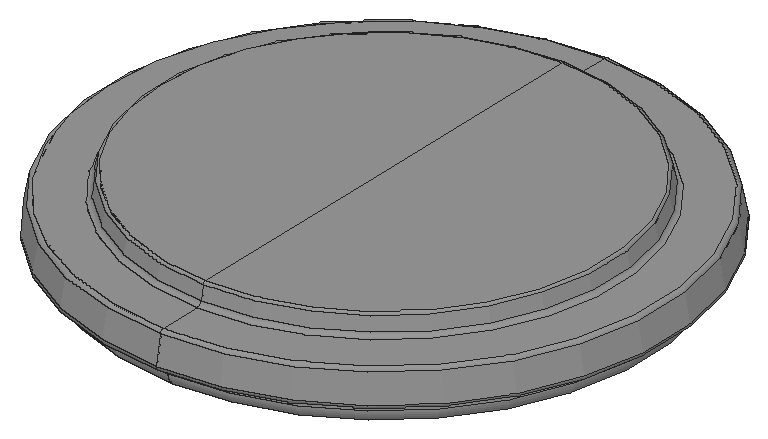
Revit family "FMK12_63_UN_Surface-mounted_ETK", category Lighting Fixtures, Revit 2017 (continued)
Definition of nested family "FMK.1 - Lightsource"
  Types (13, lengths in mm): name | Wattage Comments | Photometric Web File | built-in parameter 1150142 | Apparent Load
    FMK.1129.10 - Ø250x48 / 12W | "12W" | "FMK.1129.10.ies" | "IESNA:LM-63-2002\r\n[TEST] /2015\r\n[TESTLAB] ies2eulumdat.appspot.com\r\n[ISSUEDATE] 2021-06-16T09:00:21.829\r\n[MANUFAC] www.etk.nl\r\n[LUMCAT] FMK.1109.10\r\n[LUMINAIRE] FMK.1 LED 12W 3000/4000/5700K ø250 niet dimbaar\r\n[LAMPCAT] LED\r\n[LAMP] LED\r\nTILT=NONE\r\n1\t1150\t1\t46\t180\t1\t2\t-0.250\t-0.250\t0\r\n1.0\t1.0\t11.80\r\n0\t 2\t 4\t 6\t 8\t 10\t 12\t 14\t 16\t 18\r\n20\t 22\t 24\t 26\t 28\t 30\t 32\t 34\t 36\t 38\r\n40\t 42\t 44\t 46\t 48\t 50\t 52\t 54\t 56\t 58\r\n60\t 62\t 64\t 66\t 68\t 70\t 72\t 74\t 76\t 78\r\n80\t 82\t 84\t 86\t 88\t 90\r\n0\t 2\t 4\t 6\t 8\t 10\t 12\t 14\t 16\t 18\r\n20\t 22\t 24\t 26\t 28\t 30\t 32\t 34\t 36\t 38\r\n40\t 42\t 44\t 46\t 48\t 50\t 52\t 54\t 56\t 58\r\n60\t 62\t 64\t 66\t 68\t 70\t 72\t 74\t 76\t 78\r\n80\t 82\t 84\t 86\t 88\t 90\t 92\t 94\t 96\t 98\r\n100\t 102\t 104\t 106\t 108\t 110\t 112\t 114\t 116\t 118\r\n120\t 122\t 124\t 126\t 128\t 130\t 132\t 134\t 136\t 138\r\n140\t 142\t 144\t 146\t 148\t 150\t 152\t 154\t 156\t 158\r\n160\t 162\t 164\t 166\t 168\t 170\t 172\t 174\t 176\t 178\r\n180\t 182\t 184\t 186\t 188\t 190\t 192\t 194\t 196\t 198\r\n200\t 202\t 204\t 206\t 208\t 210\t 212\t 214\t 216\t 218\r\n220\t 222\t 224\t 226\t 228\t 230\t 232\t 234\t 236\t 238\r\n240\t 242\t 244\t 246\t 248\t 250\t 252\t 254\t 256\t 258\r\n260\t 262\t 264\t 266\t 268\t 270\t 272\t 274\t 276\t 278\r\n280\t 282\t 284\t 286\t 288\t 290\t 292\t 294\t 296\t 298\r\n300\t 302\t 304\t 306\t 308\t 310\t 312\t 314\t 316\t 318\r\n320\t 322\t 324\t 326\t 328\t 330\t 332\t 334\t 336\t 338\r\n340\t 342\t 344\t 346\t 348\t 350\t 352\t 354\t 356\t 358\r\n\r\n405.3384\t404.7765\t404.2265\t402.9975\t401.1013\t399.2051\t395.3191\t391.4331\t387.5471\t383.661\r\n379.7751\t373.4779\t367.169\t360.8717\t354.5746\t348.2657\t339.7094\t331.1415\t322.5852\t314.029\r\n305.461\t294.8096\t284.1582\t273.5069\t262.8555\t252.2041\t239.7267\t227.261\t214.7837\t202.3181\r\n189.8525\t177.3751\t164.9094\t152.432\t139.9664\t127.4891\t0\t0\t0\t0\r\n0\t0\t0\t0\t0\t0\r\n405.3384\t404.7925\t404.2577\t403.0448\t401.1686\t399.2994\t395.4335\t391.5606\t387.7102\t383.8203\r\n379.9334\t373.6444\t367.3443\t361.0453\t354.7325\t348.4388\t339.8983\t331.3616\t322.8117\t314.2627\r\n305.722\t295.0872\t284.4404\t273.8022\t263.1576\t252.5163\t240.0548\t227.5873\t215.131\t202.664\r\n190.1945\t177.7378\t165.2697\t152.8012\t140.3312\t128.1946\t0.3296\t0\t0\t0\r\n0\t0\t0\t0\t0\t0\r\n405.3384\t404.8094\t404.2892\t403.0935\t401.2796\t399.4809\t395.6213\t391.7396\t387.8385\t383.9437\r\n380.072\t373.802\t367.5085\t361.2065\t354.9129\t348.6531\t340.137\t331.5961\t323.0451\t314.5012\r\n305.9895\t295.3818\t284.734\t274.0862\t263.4264\t252.8071\t240.376\t227.9231\t215.4572\t202.995\r\n190.53\t178.0631\t165.6056\t153.1389\t140.6717\t129.4859\t1.3419\t0\t0\t0\r\n0\t0\t0\t0\t0\t0\r\n405.3384\t404.8271\t404.3209\t403.1488\t401.3532\t399.5783\t395.7291\t391.8382\t387.9181\t384.0265\r\n380.1901\t373.9544\t367.6616\t361.3486\t355.0482\t348.8012\t340.3437\t331.8018\t323.2501\t314.6929\r\n306.2129\t295.662\t285.012\t274.3604\t263.7094\t253.1247\t240.74\t228.2758\t215.8122\t203.3491\r\n190.8749\t178.4127\t165.9503\t153.4898\t141.027\t131.3458\t3.1025\t0\t0\t0\r\n0\t0\t0\t0\t0\t0\r\n405.3384\t404.8458\t404.3591\t403.1978\t401.4167\t399.6486\t395.7816\t391.8937\t388.0038\t384.1068\r\n380.2987\t374.1143\t367.817\t361.5156\t355.2003\t348.9967\t340.5979\t332.043\t323.4957\t314.942\r\n306.4955\t295.9896\t285.3021\t274.6328\t263.9659\t253.4202\t241.0823\t228.6129\t216.1591\t203.6915\r\n191.2234\t178.7558\t166.3001\t153.8352\t141.371\t133.6544\t5.718\t0\t0\t0\r\n0\t0\t0\t0\t0\t0\r\n405.3384\t404.8652\t404.3908\t403.2459\t401.4706\t399.6646\t395.8675\t391.9843\t388.0857\t384.1821\r\n380.4316\t374.3456\t368.0256\t361.7021\t355.3697\t349.2\t340.8799\t332.2872\t323.6935\t315.0968\r\n306.6804\t296.3012\t285.6181\t274.9391\t264.248\t253.707\t241.4578\t228.9766\t216.4988\t204.0245\r\n191.5571\t179.0864\t166.6186\t154.1544\t141.6922\t136.24\t9.3369\t0\t0\t0\r\n0\t0\t0\t0\t0\t0\r\n405.3384\t404.8854\t404.4219\t403.2933\t401.5055\t399.7186\t395.9651\t392.0842\t388.1903\t384.3067\r\n380.5784\t374.5562\t368.2162\t361.8639\t355.4958\t349.3364\t341.1183\t332.5123\t323.9013\t315.2964\r\n306.9063\t296.6299\t285.9122\t275.1976\t264.4831\t253.9575\t241.8218\t229.3201\t216.8328\t204.3396\r\n191.8483\t179.3695\t166.8926\t154.4222\t141.9565\t138.8551\t14.1501\t0\t0\t0\r\n0\t0\t0\t0\t0\t0\r\n405.3384\t404.9066\t404.4521\t403.3398\t401.5506\t399.7766\t396.0731\t392.2029\t388.3231\t384.3922\r\n380.6589\t374.7488\t368.3792\t361.9898\t355.5837\t349.4181\t341.3685\t332.7528\t324.1099\t315.4532\r\n307.0598\t296.9581\t286.2249\t275.4731\t264.7159\t254.1799\t242.1928\t229.6762\t217.1659\t204.6692\r\n192.1717\t179.6758\t167.1817\t154.6978\t142.2295\t141.3105\t20.401\t0\t0\t0\r\n0\t0\t0\t0\t0\t0\r\n405.3384\t404.9688\t404.4817\t403.3908\t401.5946\t399.8358\t396.2032\t392.3475\t388.4203\t384.4425\r\n380.7195\t374.9437\t368.5473\t362.1238\t355.6851\t349.5134\t341.9282\t332.9785\t324.3069\t315.6402\r\n306.9436\t297.5694\t286.5262\t275.7395\t264.9593\t254.1623\t242.7912\t230.0358\t217.5005\t204.986\r\n192.4711\t179.9636\t167.4644\t154.9748\t142.4941\t143.2492\t28.3764\t0\t0\t0\r\n0\t0\t0\t0\t0\t0\r\n405.3384\t404.9901\t404.5102\t403.434\t401.6375\t399.8986\t396.3675\t392.4653\t388.4946\t384.4886\r\n380.7515\t375.1532\t368.7296\t362.2829\t355.7949\t349.2691\t342.1908\t333.257\t324.528\t315.7751\r\n307.0363\t297.9246\t286.8722\t276.0236\t265.1733\t254.3419\t243.18\t230.433\t217.8766\t205.3224\r\n192.7845\t180.2462\t167.7206\t155.2142\t142.724\t144.3059\t38.4235\t0\t0\t0\r\n0\t0\t0\t0\t0\t0\r\n405.3384\t405.0108\t404.5376\t403.4745\t401.6757\t399.9613\t396.5103\t392.5677\t388.5717\t384.5293\r\n380.4421\t375.6788\t368.9428\t362.4278\t355.8852\t349.3419\t342.4468\t333.4846\t324.7196\t315.9401\r\n307.1422\t298.1755\t287.1691\t276.2852\t265.4162\t254.5351\t243.54\t230.8321\t218.2158\t205.6051\r\n193.0422\t180.5018\t167.9628\t155.4439\t142.9509\t130.4715\t80.1717\t0\t0\t0\r\n0\t0\t0\t0\t0\t0\r\n405.3384\t405.0308\t404.5638\t403.5122\t401.7197\t400.0344\t396.6479\t392.675\t388.642\t384.5539\r\n380.446\t375.8849\t369.1475\t362.5941\t356.0076\t349.3402\t342.606\t333.7678\t324.9507\t316.0958\r\n307.1888\t298.3823\t287.5427\t276.5987\t265.6547\t254.6769\t243.7733\t231.1892\t218.5583\t205.9536\r\n193.3574\t180.7795\t168.2176\t155.6732\t143.1664\t130.6811\t92.6587\t0\t0\t0\r\n0\t0\t0\t0\t0\t0\r\n405.3384\t405.0504\t404.5956\t403.547\t401.7653\t400.0733\t397.0342\t392.7846\t388.7175\t384.6009\r\n380.4658\t376.0643\t369.3866\t362.7735\t356.0799\t349.3699\t342.7566\t334.0832\t325.1628\t316.2179\r\n307.2752\t298.5357\t287.9146\t276.8913\t265.8705\t254.8646\t244.0337\t231.6235\t218.9315\t206.265\r\n193.6356\t181.0339\t168.4572\t155.9156\t143.3861\t130.8825\t104.473\t0\t0\t0\r\n0\t0\t0\t0\t0\t0\r\n405.3384\t405.0692\t404.6173\t403.5726\t401.812\t400.0922\t397.1653\t392.8976\t388.795\t384.6787\r\n380.4567\t376.1942\t369.6246\t362.9226\t356.2055\t349.4272\t342.8367\t334.3769\t325.3805\t316.3703\r\n307.3625\t298.3377\t288.5546\t277.2123\t266.1258\t255.0391\t244.1559\t232.0335\t219.3073\t206.6258\r\n193.9576\t181.3129\t168.7045\t156.1324\t143.5875\t131.0872\t115.0185\t0\t0\t0\r\n0\t0\t0\t0\t0\t0\r\n405.3384\t405.0876\t404.6362\t403.6022\t401.8688\t399.828\t397.2783\t392.9976\t388.9023\t384.7385\r\n380.4432\t376.2623\t369.8607\t363.1303\t356.3361\t349.4819\t342.5273\t334.9205\t325.6274\t316.563\r\n307.4647\t298.325\t288.8953\t277.552\t266.3836\t255.2249\t244.066\t232.6598\t219.71\t206.9637\r\n194.2635\t181.5828\t168.9417\t156.3369\t143.7678\t131.2452\t123.6219\t0\t0\t0\r\n0\t0\t0\t0\t0\t0\r\n405.3384\t405.1054\t404.6527\t403.6299\t401.9954\t399.8313\t397.3825\t393.1311\t389.0376\t384.7914\r\n380.4256\t376.2601\t370.1442\t363.3441\t356.5\t349.5195\t342.4467\t335.1645\t325.9313\t316.7695\r\n307.548\t298.3169\t289.1161\t277.9297\t266.651\t255.4032\t244.1853\t232.9715\t220.1319\t207.3312\r\n194.5444\t181.8166\t169.148\t156.5181\t143.9438\t131.4005\t129.5504\t10.7169\t0\t0\r\n0\t0\t0\t0\t0\t0\r\n405.3384\t405.1227\t404.6665\t403.6558\t402.0282\t399.8387\t397.4732\t393.2952\t389.1616\t384.8421\r\n380.4176\t375.9014\t370.721\t363.6037\t356.6569\t349.5494\t342.4061\t335.3294\t326.2421\t316.9739\r\n307.6665\t298.3454\t289.1781\t278.2878\t266.963\t255.6467\t244.3238\t233.1536\t220.5163\t207.6577\r\n194.8355\t182.0686\t169.3482\t156.6677\t144.0408\t131.4715\t131.8453\t25.923\t0\t0\r\n0\t0\t0\t0\t0\t0\r\n405.3384\t405.1396\t404.6776\t403.6776\t402.0538\t399.8619\t397.5341\t393.5083\t389.2881\t384.8846\r\n380.4261\t375.832\t370.9139\t363.9038\t356.8028\t349.6355\t342.4017\t335.332\t326.5796\t317.2212\r\n307.8198\t298.3417\t288.8594\t278.9905\t267.339\t255.8866\t244.4302\t233.0061\t221.1259\t208.0094\r\n195.1274\t182.2902\t169.5075\t156.7928\t144.1389\t131.538\t118.9821\t72.5747\t0\t0\r\n0\t0\t0\t0\t0\t0\r\n405.3384\t405.1559\t404.686\t403.7113\t402.0482\t399.882\t397.6063\t393.7003\t389.4083\t384.9648\r\n380.4586\t375.7543\t371.0891\t364.165\t357.0131\t349.7518\t342.4103\t334.9484\t327.1548\t317.4999\r\n307.9709\t298.3923\t288.8332\t279.2321\t267.7019\t256.1485\t244.593\t233.049\t221.4516\t208.379\r\n195.4187\t182.5259\t169.6952\t156.9157\t144.2105\t131.5685\t118.9925\t91.6472\t0\t0\r\n0\t0\t0\t0\t0\t0\r\n405.3384\t405.1718\t404.6918\t403.7304\t402.0748\t399.9057\t397.6713\t393.8957\t389.5114\t385.088\r\n380.4979\t375.7076\t371.0587\t364.4889\t357.2386\t349.9042\t342.4218\t334.8539\t327.2884\t317.8216\r\n308.1836\t298.5219\t288.784\t279.2695\t268.1369\t256.4569\t244.7869\t233.1079\t221.6219\t208.7797\r\n195.7476\t182.7712\t169.842\t157.0084\t144.2669\t131.5897\t118.9856\t106.3522\t0\t0\r\n0\t0\t0\t0\t0\t0\r\n405.3384\t405.1872\t404.677\t403.7455\t402.1069\t399.9332\t397.7438\t394.3242\t389.6719\t385.2237\r\n380.5442\t375.6807\t370.6129\t365.0631\t357.5309\t350.0674\t342.4859\t334.7817\t327.2448\t318.4473\r\n308.4635\t298.6371\t288.784\t278.8955\t268.7927\t256.8209\t244.9966\t233.2361\t221.4851\t209.3772\r\n196.0586\t182.9925\t170.014\t157.1221\t144.303\t131.5659\t118.922\t115.4507\t0.7529\t0\r\n0\t0\t0\t0\t0\t0\r\n405.3384\t405.2023\t404.5924\t403.7567\t402.1445\t399.9518\t397.5215\t394.4699\t389.8906\t385.382\r\n380.6063\t375.6074\t370.4961\t365.1827\t357.8531\t350.2794\t342.5728\t334.767\t326.8088\t318.7303\r\n308.7717\t298.8224\t288.8326\t278.8036\t268.8778\t257.2662\t245.3121\t233.3885\t221.4719\t209.6291\r\n196.4163\t183.2663\t170.1886\t157.217\t144.3317\t131.5459\t118.8227\t106.1876\t17.4697\t0\r\n0\t0\t0\t0\t0\t0\r\n405.3384\t405.217\t404.5944\t403.7643\t402.2164\t399.9969\t397.5215\t394.5348\t390.1198\t385.5481\r\n380.6842\t375.579\t370.3695\t365.1761\t358.5091\t350.5396\t342.7377\t334.7731\t326.7113\t318.7291\r\n309.1553\t299.0695\t288.9289\t278.7193\t268.5571\t257.9194\t245.6422\t233.5555\t221.5159\t209.6959\r\n196.8141\t183.564\t170.3986\t157.3153\t144.3298\t131.4311\t118.6433\t105.963\t65.2493\t0\r\n0\t0\t0\t0\t0\t0\r\n405.3384\t405.2314\t404.597\t403.7683\t402.259\t400.1387\t397.5142\t394.6254\t390.3718\t385.7346\r\n380.7618\t375.6336\t370.2359\t364.7113\t358.7633\t350.8369\t342.942\t334.8576\t326.6208\t318.2983\r\n309.7123\t299.3766\t289.0811\t278.7695\t268.3526\t258.0866\t246.0418\t233.822\t221.6258\t209.5032\r\n197.3492\t183.8918\t170.5912\t157.4067\t144.3357\t131.3476\t118.48\t105.7362\t86.9291\t0\r\n0\t0\t0\t0\t0\t0\r\n405.3384\t405.2454\t404.6007\t403.7691\t402.2969\t400.2013\t397.5194\t394.7022\t390.8756\t385.9297\r\n380.8283\t375.6809\t370.2029\t364.5257\t358.7975\t351.2443\t343.1931\t334.9798\t326.6184\t318.1094\r\n309.6994\t299.7814\t289.3562\t278.8261\t268.235\t257.6488\t246.725\t234.1375\t221.8235\t209.5282\r\n197.4412\t184.2693\t170.8692\t157.5318\t144.3183\t131.2485\t118.3192\t105.4985\t99.8452\t0\r\n0\t0\t0\t0\t0\t0\r\n405.3384\t405.2465\t404.6055\t403.7327\t402.33\t400.28\t397.5374\t394.7758\t391.1064\t386.1222\r\n380.9814\t375.6963\t370.1916\t364.3689\t358.3019\t351.8681\t343.551\t335.1761\t326.6651\t318.0094\r\n309.224\t300.3263\t289.676\t278.9673\t268.2109\t257.4449\t246.79\t234.5954\t222.0662\t209.6096\r\n197.2538\t184.796\t171.1111\t157.6776\t144.3725\t131.1929\t118.1378\t105.2239\t92.4606\t7.417\r\n0\t0\t0\t0\t0\t0\r\n405.3384\t405.26\t404.6117\t403.7331\t402.3583\t400.3318\t397.5727\t394.5667\t391.2865\t386.3445\r\n381.2477\t375.7985\t370.1959\t364.244\t358.0878\t351.9228\t343.9437\t335.4465\t326.8059\t317.9911\r\n309.0489\t300.2024\t290.2985\t279.2004\t268.2951\t257.2789\t246.344\t235.2056\t222.4167\t209.7955\r\n197.2042\t184.8605\t171.4948\t157.9091\t144.4487\t131.1247\t117.9609\t104.9565\t92.1149\t52.9313\r\n0\t0\t0\t0\t0\t0\r\n405.3384\t405.2736\t404.6193\t403.7351\t402.3811\t400.3748\t397.6302\t394.5872\t391.3781\t386.8119\r\n381.4951\t375.9993\t370.2514\t364.1293\t357.9116\t351.3889\t344.5079\t335.822\t327.0416\t318.0736\r\n308.9557\t299.6921\t290.3569\t279.5927\t268.421\t257.3226\t246.1\t234.903\t222.8814\t210.0311\r\n197.2958\t184.6475\t172.0079\t158.165\t144.5452\t131.0796\t117.7978\t104.7315\t91.8426\t76.8551\r\n0\t0\t0\t0\t0\t0\r\n405.3384\t405.2871\t404.6284\t403.7382\t402.383\t400.4092\t397.8019\t394.6157\t391.382\t386.9759\r\n381.7537\t376.2214\t370.3501\t364.1175\t357.7917\t351.1064\t344.4201\t336.5393\t327.3814\t318.2587\r\n308.9705\t299.4656\t289.8818\t280.0753\t268.8078\t257.4031\t245.984\t234.5829\t223.2864\t210.4452\r\n197.4796\t184.6232\t171.8738\t158.4916\t144.6856\t131.1101\t117.7175\t104.5034\t91.5471\t87.0893\r\n0\t0\t0\t0\t0\t0\r\n405.3384\t405.3008\t404.6392\t403.7418\t402.3989\t400.4352\t397.8747\t394.6614\t391.0674\t387.1128\r\n382.2229\t376.4632\t370.4832\t364.2203\t357.7251\t350.8963\t343.8101\t336.6669\t327.8215\t318.561\r\n309.1145\t299.4337\t289.6313\t279.6987\t269.4041\t257.6346\t246.0417\t234.3777\t222.7877\t211.0609\r\n197.8041\t184.6956\t171.7174\t158.9026\t144.9461\t131.1605\t117.657\t104.3263\t91.2411\t78.3968\r\n8.6356\t0\t0\t0\t0\t0\r\n405.3384\t405.3146\t404.6518\t403.7453\t402.4116\t400.4333\t397.9374\t394.7255\t391.0189\t387.2362\r\n382.4741\t376.7553\t370.621\t364.3583\t357.712\t350.7498\t343.5434\t336.0689\t328.3754\t318.9975\r\n309.3575\t299.5473\t289.484\t279.3984\t269.2587\t258.261\t246.2079\t234.3624\t222.4746\t210.6739\r\n198.3975\t184.9162\t171.7187\t158.643\t145.2545\t131.3415\t117.6016\t104.16\t90.981\t78.0548\r\n54.1337\t0\t0\t0\t0\t0\r\n405.3384\t405.4889\t404.6945\t403.6712\t402.4205\t400.4506\t397.9834\t394.8928\t390.9998\t386.973\r\n382.6577\t377.3141\t370.8707\t364.5641\t357.7877\t350.7046\t343.3801\t335.7208\t327.8525\t319.6767\r\n309.7968\t299.7787\t289.6134\t279.2245\t268.6962\t258.2578\t246.6038\t234.4814\t222.3847\t210.2821\r\n198.4381\t185.3347\t171.8446\t158.564\t145.4985\t131.5442\t117.6455\t104.0124\t90.7095\t77.7184\r\n71.0115\t0\t0\t0\t0\t0\r\n405.3384\t405.5009\t404.7104\t403.6809\t402.4254\t400.4644\t398.0198\t394.9896\t391.014\t386.9406\r\n382.6666\t377.537\t371.2201\t364.837\t357.9545\t350.7593\t343.2926\t335.5022\t327.46\t319.1538\r\n310.4783\t300.1684\t289.8497\t279.2431\t268.5397\t257.661\t246.8589\t234.8353\t222.4783\t210.092\r\n197.8192\t185.7046\t172.2109\t158.5712\t145.1721\t131.9025\t117.7262\t103.9048\t90.5045\t77.4349\r\n64.724\t0\t0\t0\t0\t0\r\n405.3384\t405.512\t404.7274\t403.6949\t402.4256\t400.4737\t398.0459\t395.0319\t391.1349\t386.9314\r\n382.368\t377.565\t371.7894\t365.1647\t358.2122\t350.925\t343.2805\t335.4297\t327.1908\t318.7224\r\n309.9642\t300.886\t290.2777\t279.5029\t268.5805\t257.4726\t246.2239\t235.0727\t222.7881\t210.1727\r\n197.5617\t185.0625\t172.6371\t158.8143\t145.0846\t131.6118\t117.8827\t103.9322\t90.3265\t77.1744\r\n64.48\t35.0653\t0\t0\t0\t0\r\n405.3384\t405.522\t404.7455\t403.7452\t402.4209\t400.4773\t398.0588\t395.0488\t391.1753\t387.0135\r\n382.3352\t377.2242\t371.9159\t365.7147\t358.5534\t351.2243\t343.4254\t335.4792\t327.0606\t318.4772\r\n309.4696\t300.3065\t290.8705\t280.0089\t268.8629\t257.5392\t246.0377\t234.4621\t222.8965\t210.6316\r\n197.5873\t184.7291\t171.9505\t159.2993\t145.2866\t131.4601\t118.0115\t103.9741\t90.2222\t76.9361\r\n64.1798\t56.618\t0\t0\t0\t0\r\n405.3384\t405.5308\t404.7649\t403.7651\t402.3395\t400.4737\t398.0593\t395.0424\t391.207\t387.0567\r\n382.3506\t377.1527\t371.6378\t365.821\t359.1154\t351.6039\t343.7387\t335.6237\t327.116\t318.3892\r\n309.185\t299.8538\t290.1589\t280.4669\t269.6277\t257.8645\t246.1541\t234.2897\t222.3665\t210.3175\r\n198.0481\t184.7232\t171.6272\t158.6683\t145.768\t131.577\t117.6798\t104.1455\t90.1031\t76.7097\r\n63.9092\t51.7004\t0\t0\t0\t0\r\n405.3384\t405.5388\t404.7856\t403.7878\t402.34\t400.4766\t398.0469\t395.016\t391.2276\t387.086\r\n382.4782\t377.1848\t371.6139\t365.5258\t359.2193\t352.1252\t344.383\t335.9209\t327.3527\t318.4608\r\n309.1505\t299.601\t289.7392\t279.6691\t269.2868\t258.5846\t246.5891\t234.456\t222.2595\t209.9698\r\n197.5743\t185.146\t171.655\t158.2647\t145.101\t132.0467\t117.7168\t103.7776\t90.1162\t76.5416\r\n63.6537\t51.4481\t11.4644\t0\t0\t0\r\n405.3384\t405.5455\t404.8079\t403.8136\t402.3469\t400.3632\t398.021\t394.9736\t391.2361\t387.0991\r\n382.4999\t377.3413\t371.7228\t365.4801\t358.9167\t352.0852\t344.7107\t336.4982\t327.7775\t318.7203\r\n309.3167\t299.5744\t289.5996\t279.3072\t268.7148\t257.8887\t247.047\t235.2639\t222.5436\t209.9771\r\n197.2699\t184.5597\t171.885\t158.2865\t144.6692\t131.337\t118.1829\t103.7905\t89.9666\t76.4265\r\n63.4089\t51.1676\t44.0861\t0\t0\t0\r\n405.3384\t405.5513\t404.9774\t403.8429\t402.3609\t400.3505\t397.8886\t394.8898\t391.2407\t387.0953\r\n382.4979\t377.3824\t371.7634\t365.5989\t358.905\t351.812\t344.4396\t336.63\t328.3847\t319.3177\r\n309.7407\t299.8087\t289.728\t279.2246\t268.459\t257.4328\t246.1417\t234.7065\t223.2024\t210.4254\r\n197.4644\t184.3923\t171.2764\t158.1367\t144.9817\t130.9885\t117.4819\t104.1949\t89.9202\t76.3115\r\n63.1698\t50.8615\t39.4911\t0\t0\t0\r\n405.3384\t405.5559\t404.9992\t403.8756\t402.382\t400.349\t397.8573\t394.7468\t391.2145\t387.0848\r\n382.4587\t377.3893\t371.7642\t365.6347\t359.0468\t351.9462\t344.3869\t336.3706\t328.1386\t319.4674\r\n310.3444\t300.4744\t290.1739\t279.4322\t268.5321\t257.3547\t245.836\t234.1207\t222.3374\t210.1954\r\n198.078\t184.7804\t171.3331\t157.8412\t144.3958\t131.1966\t117.2105\t103.4803\t90.2145\t76.2405\r\n62.9998\t50.5463\t39.207\t5.7837\t0\t0\r\n405.
